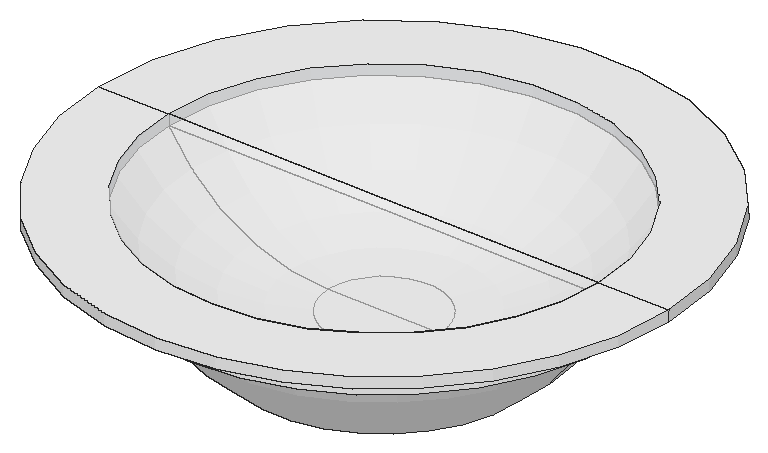
Revit family "0030333 Sylvania Lighting Fixture START Downlight 150 IP44 DALI 1175Lm 840", category Lighting Fixtures, host Face, Revit 2016
Family settings
  Host = Face
  Part Type = Normal
  Round Connector Dimension = Use Diameter
  OmniClass Number = 23.80.70.00
  OmniClass Title = Lighting
  Cut with Voids When Loaded = No
  Light Source = Yes
  Shared = No
  Room Calculation Point = No
Parameters (values of type "0030333 ST DOWNLIGHT 150 IP44 DALI 1175LM 840")
  Weight = "5.748 kg"
  Wattage Comments = ""
  Wattage = 12 W
  WarrantyStartDate [instance] = "n/a"
  WarrantyGuarantorParts = "n/a"
  WarrantyDurationUnit = "n/a"
  WarrantyDurationParts = "n/a"
  WarrantyDescription = "n/a"
  built-in parameter 1150110 = 1 (stored number, unit not read)
  Voltage = 230 V
  URL = "http://www.sylvania-lighting.com"
  TypeName = "START Downlight 150 IP44 DALI 1175Lm 840"
  Type Image = <None>
  Type Comments = "n/a"
  built-in parameter 1114217 = 1 (stored number, unit not read)
  Tilt Angle = -90.00°
  built-in parameter 1150109 = 1 (stored number, unit not read)
  built-in parameter 1150134 = 12
  built-in parameter 1150113 = 1 (stored number, unit not read)
  SerialNumber [instance] = "n/a"
  S_SYL = yes
  RadiusTop_SYL = if(S_SYL, 80 mm, if(M_SYL, 100 mm, if(L_SYL, 120 mm, 120 mm)))  # 80 mm
  Photometric Web File = "0030333.ies"
  Material_3_FEILO = Top-Sylvania-STARTDownlight
  PowerFactor = 0.9
  PowerConsumption = "12 W"
  NominalLength = 165 mm
  NominalHeight = 45 mm
  NominalDepth = 165 mm
  Name = "START Downlight 150 IP44 DALI 1175Lm 840"
  ModelReference = Name  # "START Downlight 150 IP44 DALI 1175Lm 840"
  ModelNumber = "0030333"
  Model = Name  # "START Downlight 150 IP44 DALI 1175Lm 840"
  Material = "aluminium housing, polycarbonate diffuser"
  ManufacturerName = "Feilo Sylvania"
  Manufacturer = "Feilo Sylvania"
  M_SYL = no
  LuminousEfficacy = "96.63 lm/W"
  built-in parameter 1150105 = 614.95 (stored number, unit not read)
  Lumens = 1159.56 lm
  LuminaireType = ""
  built-in parameter 1150115 = 1 (stored number, unit not read)
  LightOutputRatio = "100"
  built-in parameter 1150137 = (empty or 0)
  built-in parameter 1150139 = (empty or 0)
  LampsType = Lamp  # "LED"
  LampNominalLuminous = "1159 lm"
  LampMacAdamStep = "5"
  LampColourTemperature = "4000 K"
  LampColourRenderingIndex = "80"
  built-in parameter 1150112 = 1 (stored number, unit not read)
  built-in parameter 1150114 = 1 (stored number, unit not read)
  Lamp = "LED"
  L_SYL = no
  Keynote = "16500"
  InstallationDate [instance] = "n/a"
  InputVoltage = "220-240V~"
  InputNominalFrequency = "50/60 Hz"
  built-in parameter 1150132 = (empty or 0)
  built-in parameter 1150102 = (empty or 0)
  built-in parameter 1150107 = 4000 (stored number, unit not read)
  built-in parameter 1150138 = (empty or 0)
  IngressProtection = "IP20/44"
  ImpactProtectionIndex = "IK07"
  built-in parameter 1150106 = 6.1495 (stored number, unit not read)
  IfcExportType = "IfcLightFixtureType"
  IfcExportAs = "IfcLightFixtureType"
  Height_SYL = if(S_SYL, 41 mm, if(M_SYL, 47 mm, if(L_SYL, 56 mm, 62 mm)))  # 41 mm
  ExpectedLife = 50000
  Emit from Circle Diameter = Diameter_SYL - 40 mm  # 124 mm
  Emit Shape Visible in Rendering = no
  ElectricShockClassification = "Class II"
  built-in parameter 1150104 = 8.9772 (stored number, unit not read)
  DurationUnit = "hours"
  DocumentationLiterature = "http://www.sylvania-lighting.com/product/en-int/products/0030333"
  DimmingControlOptions = "Dimmable"
  Material_2_FEILO = Diffuser-Sylvania-STARTDownlight
  Dimming Lamp Color Temperature Shift = <None>
  Diameter_SYL = if(S_SYL, 164 mm, if(M_SYL, 193 mm, if(L_SYL, 220 mm, 240 mm)))  # 164 mm
  DiameterTop_SYL = if(S_SYL, 77 mm, if(M_SYL, 81 mm, if(L_SYL, 104 mm, 105 mm)))  # 77 mm
  DiameterRecess_SYL = if(S_SYL, 141 mm, if(M_SYL, 169 mm, if(L_SYL, 198 mm, 216 mm)))  # 141 mm
  Description = ""
  Default Elevation = 1219.2 mm
  CreatedOn = "8/1/2018"
  CreatedBy = "@sylvania-lighting.com"
  Cost = 0
  Color Filter = 16777215
  built-in parameter 1114216 [instance] = (empty or 0)
  ClassificationValue = "EF_70_80"
  ClassificationName = "Uniclass2015"
  Material_1_FEILO = Trim-Sylvania-STARTDownlight-White
  BarCode [instance] = "n/a"
  built-in parameter 1114218 = 1 (stored number, unit not read)
  built-in parameter 1150133 = 10 (stored number, unit not read)
  AssetType = "Fixed"
  AssetIdentifier [instance] = "n/a"
  Assembly Code = "D5020200"
  Apparent Load = 12 VA
  Material_4_FEILO = LED-Sylvania-STARTDownlight
Reference planes
  plane 1 "Center (Front/Back)": y = 0
  plane 2: z = 0
  plane 3 "Center (Left/Right)": x = 0
  plane 4: x = 82
  plane 5: x = -82
  plane 6: z = 3
  plane 7: z = -8
  plane 8: z = -36
  plane 9: z = -38
  plane 10: x = -70.5
  plane 11: x = 70.5
  plane 12: x = -38.5
  plane 13: x = 38.5
  plane 14: x = -62
  plane 15: x = 62
  plane 16: z = -85
  plane 17: x = -62
  plane 18: z = 2
  plane 19: z = -26
  plane 20: x = -16
Forms (mm)
  Revolve 1, solid
    sketch origin (0, 0, 0) x (1, 0, 0) y (0, 0, 1)
      loop
        line (-82, 3) -> (-82, 0) -> (-70.5, 0) -> (-70.5, -8) -> (-62, -8)
        arc (-62, -8) -> (-51.871, -23.36) -> (-38.5, -36) r 80
        line (-38.5, -36) -> (0, -36) -> (0, -26) -> (-16, -26)
        arc (-16, -26) -> (-42.42, -19.05) -> (-62, 0) r 53.692
        line (-62, 0) -> (-62, 3) -> (-82, 3)
      axis (0, 3) -> (0, -36)
    angle from 360 to 0
  Revolve 2, void
    sketch origin (0, 0, 0) x (1, 0, 0) y (0, 0, 1)
      loop
        line (0, 0) -> (-70.5, 0) -> (-70.5, -85) -> (0, -85) -> (0, 0)
      axis (0, 0) -> (0, -85)
    angle from 360 to 0
  Revolve 3, solid, material "Diffuser-Sylvania-STARTDownlight" <- "Material_2_FEILO"
    sketch origin (0, 0, 0) x (1, 0, 0) y (0, 0, 1)
      loop
        line (-62, 3) -> (-62, 0) -> (0, 0) -> (0, 3) -> (-62, 3)
      axis (0, 3) -> (0, 0)
    angle from 360 to 0
Dimensions and locks
  equal spacing: plane 4, plane 3 "Center (Left/Right)", plane 5
  "Diameter_SYL": plane 4 to plane 5
  equal spacing: plane 11, plane 3 "Center (Left/Right)", plane 10
  equal spacing: plane 13, plane 3 "Center (Left/Right)", plane 12
  "DiameterTop_SYL": plane 13 to plane 12
  equal spacing: plane 15, plane 3 "Center (Left/Right)", plane 14
  locked: plane 6 to plane 2 at 3
  "Height_SYL": plane 6 to plane 9
  locked: plane 8 to plane 9 at 2
  locked: plane 2 to plane 7 at 8
  locked: plane 2 to plane 16 at 85
  locked: plane 17 to plane 5 at 20
  locked: plane 6 to plane 18 at 1
  "DiameterRecess_SYL": plane 11 to plane 10
  locked: plane 19 to plane 8 at 10
  locked: plane 3 "Center (Left/Right)" to plane 20 at 16
  locked: plane 14 to plane 5 at 20
  "RadiusTop_SYL": radius of Revolve 1 sketch curve
  aligned and locked: plane 2 to host face
  aligned and locked: level to host face
  aligned and locked: Revolve 1 sketch curve to plane 5
  aligned and locked: Revolve 1 sketch curve to level
  aligned and locked: plane 7 to Revolve 1 sketch curve
  aligned and locked: Revolve 1 sketch curve to plane 10
  aligned and locked: plane 14 to Revolve 1 sketch curve
  aligned and locked: plane 3 "Center (Left/Right)" to Revolve 1 sketch curve
  aligned and locked: Revolve 1 sketch curve to plane 8
  aligned and locked: Revolve 1 sketch curve to plane 3 "Center (Left/Right)"
  aligned and locked: Revolve 2 sketch curve to plane 3 "Center (Left/Right)"
  aligned and locked: plane 3 "Center (Left/Right)" to Revolve 2 sketch curve
  aligned and locked: Revolve 2 sketch curve to plane 10
  aligned and locked: plane 16 to Revolve 2 sketch curve
  aligned and locked: Revolve 1 sketch curve to plane 6
  aligned and locked: plane 19 to Revolve 1 sketch curve
  aligned and locked: plane 20 to Revolve 1 sketch curve
  aligned and locked: Revolve 1 sketch curve to Revolve 1 sketch curve
  aligned and locked: plane 17 to Revolve 1 sketch curve
  aligned and locked: plane 2 to Revolve 1 sketch curve
  aligned and locked: Revolve 3 sketch curve to plane 3 "Center (Left/Right)"  (x2)
  aligned and locked: plane 3 "Center (Left/Right)" to imposter light
  aligned and locked: imposter light to plane 18
  aligned and locked: imposter light to plane 1 "Center (Front/Back)"
  aligned and locked: plane 14 to Revolve 3 sketch curve
Automatic sketch dimensions
  host sketch curve to host sketch curve = 2438.4 mm  (x2)
  plane 16 to Revolve 2 sketch curve = 524.6 mm
  Revolve 2 sketch curve to plane 6 = 2606.058 mm
  Revolve 1 sketch curve to plane 12 = 0 mm
  plane 16 to Revolve 1 sketch curve = 524.6 mm
  Revolve 1 sketch curve to Revolve 1 sketch curve = 2581.366 mm
  Revolve 2 sketch curve to level = 0 mm
  Revolve 3 sketch curve to plane 6 = 0 mm
  Revolve 3 sketch curve to level = 0 mm
  plane 16 to Revolve 3 sketch curve = 524.6 mm
  Revolve 3 sketch curve to Revolve 3 sketch curve = 2606.058 mm
Connectors
  electrical at (0, 0, 0), driven by "Apparent Load", driven by "PowerFactor", driven by "Voltage"
    settings: index 1, voltage 230 V, apparent load 12 VA, apparent load phase1 0 VA, apparent load phase2 0 VA, apparent load phase3 0 VA, power factor 0.9, load classification "Lighting", number of poles 1, system type 30, power factor state 1, is connector primary yes, connector utility no, sub classification motor no, connector description ""
